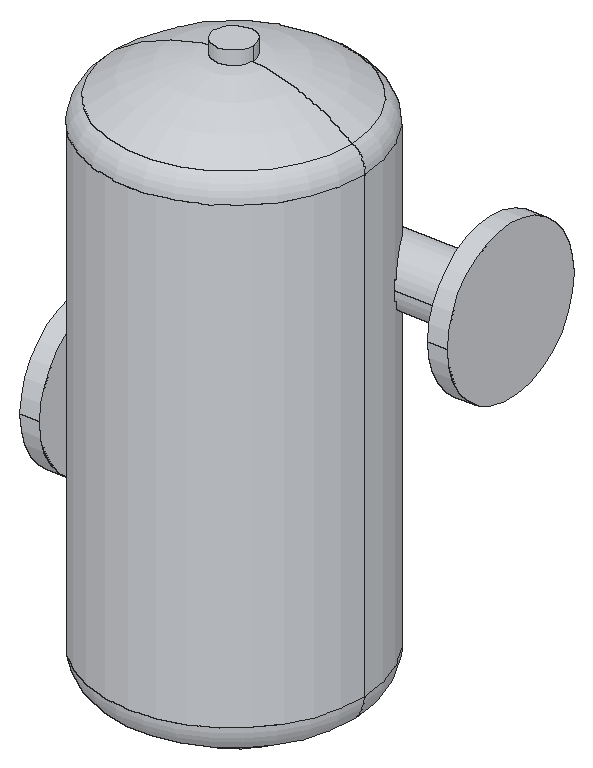
Revit family
Parameters (values of type "2-AS-L 125# W.P.")
  Weight = "70 lbs"
  Top to Inlet = 7.375"
  Top Connection Radius = 0.375"
  Top Connection Diameter = Top Connection Radius * 2  # 0.750"
  Tangential = yes
  Tank Height = 22.688"
  Tank Diameter = 10.000"
  Pipe Location off CL = 3.000"
  Outlet Pipe Flange Conn. Radius = Outlet Pipe Flange Conn / 2  # 1.000"
  Outlet Pipe Flange Conn = 2.000"
  Model = "2\"-AS-L"
  Pressure Drop = ".89"
  Max Operating Temp = "350 DEG F"
  Max Operating Pressure = "125 PSI"
  Manufacturer = "Amtrol"
  Inlet CL to Outlet CL = 8.000"
  Inlet Pipe Flange Conn = 2.000"
  Inlet Pipe Flange Conn. Radius = Inlet Pipe Flange Conn / 2  # 1.000"
  Flow (GPM) = "63"
  Flange to Flange Height = 16.313"
  CL to Outlet Flange = 8.156"
  Bottom Connection Radius = Bottom Connection Diameter / 2  # 0.375"
  Bottom Connection Diameter = 0.750"
  ASME = yes
Types (3): name | Model | Max Operating Pressure
  (no name) | "2\"-AS-L" | "125 PSI"
  2-AS-L 125# W.P. | "2\"-AS-L" | "125 PSI"
  2-AS-L 150# W.P. 10 BAR | "2\"-AS" | "150 PSI"
Reference planes (in)
  plane 1 "Center (Front/Back)": y = 0
  plane 2: z = 0
  plane 3 "Center (Left/Right)": x = 0
Forms (in)
  Revolve 1, solid
    sketch origin (0, 0, 0) x (1, 0, 0) y (0, 0, 1)
      loop
        line (0, 23.17548) -> (0, 0.48748)
        arc (0, 0.48748) -> (2.3562, 0.86066) -> (4.48177, 1.94366) r 7.625
        arc (4.48177, 1.94366) -> (4.85024, 2.37596) -> (5.00004, 2.92386) r 1.30442
        line (5.00004, 2.92386) -> (5.00004, 20.77392)
        arc (5.00004, 20.77392) -> (4.87779, 21.2809) -> (4.53792, 21.67644) r 1.11237
        arc (4.53792, 21.67644) -> (2.38955, 22.79102) -> (0, 23.17548) r 7.61816
      axis (0, 0.48748) -> (0, 23.17548)
    angle from 0 to 360
  Extrusion 2, solid
    sketch origin (0, 0, -1.34886) x (0, 1, 0) y (0, 0, 1)
      loop
        circle (3, 17.22591) r 1.1875
    from 2.04863 to 7.4038
  Extrusion 3, solid
    sketch origin (0.95154, 0, 1.33708) x (0, 1, 0) y (0, 0, 1)
      loop
        circle (3, 6.56456) r 1.1875
    from -8.35534 to -0.95154
  Extrusion 4, solid
    sketch origin (0, 0, 0) x (0, 1, 0) y (0, 0, 1)
      loop
        circle (3.00008, 15.9037) r 3
    from 7.4038 to 8.157
  Extrusion 5, solid
    sketch origin (0, 0, 0) x (0, 1, 0) y (0, 0, 1)
      loop
        circle (3, 7.96049) r 3
    from -7.4038 to -8.156
  Sweep 6, solid
    path origin (0, 0, 0) x (1, 0, 0) y (0, 0, 1)
      loop
        line (0, 23.1815) -> (0, 23.6875)
    profile origin (0, 0, 23.4345) x (-1, 0, 0) y (0, -1, 0)
      loop
        circle (0, 0) r 0.75
  Sweep 7, solid
    path origin (0, 0, 0) x (1, 0, 0) y (0, 0, 1)
      loop
        line (0, 0) -> (0, 0.5538)
    profile origin (0, 0, 0.2769) x (-1, 0, 0) y (0, -1, 0)
      loop
        circle (0, 0) r 0.75
Lines and regions (in)
  reference lines
    curve 1: line (-7.4038, 0, 7.875) -> (9.0962, 0, 7.875)
    curve 2: line (8.65956, 0, 15.875) -> (0, 0, 15.875)
Text (in)
  text "INLET" at (11.05624, 0, 17.22368), in view "Front"
  text "OUTLET" at (-19.15084, 0, 8.92051), in view "Front"
Dimensions and locks (in)
  "Tank Height": Revolve 1 sketch curve to Revolve 1 sketch curve
  Revolve 1 sketch curve to Revolve 1 sketch curve = 6.50591"
  Revolve 1 sketch curve to level = 0.48748"
  "Pipe Location off CL": plane 1 "Center (Front/Back)" to Extrusion 2 sketch curve
  plane 1 "Center (Front/Back)" to Extrusion 3 sketch curve = 3.000"
  Extrusion 5 sketch curve to plane 1 "Center (Front/Back)" = 3.000"
  Extrusion 4 sketch curve to plane 1 "Center (Front/Back)" = 3.00008"
  "CL to Outlet Flange": Extrusion 5 to plane 3 "Center (Left/Right)"
  Revolve 1 sketch curve to Revolve 1 sketch curve = 5.00004"
  aligned and locked: plane 3 "Center (Left/Right)" to Extrusion 3
Automatic sketch dimensions
  level to Extrusion 2 sketch curve = 15.87705"
  level to Extrusion 3 sketch curve = 7.90165"
  curve 2 to plane 3 "Center (Left/Right)" = 0.000"
  curve 1 to plane 3 "Center (Left/Right)" = 7.4038"
  curve 2 to curve 2 = 8.65956"
  curve 2 to curve 1 = 0.43664"
  level to Extrusion 4 sketch curve = 15.9037"
  level to Extrusion 5 sketch curve = 7.96049"
  Sweep 6 sketch curve to plane 3 "Center (Left/Right)" = 0.000"
  level to Sweep 6 sketch curve = 23.1815"
  Sweep 6 sketch curve to Sweep 6 sketch curve = 0.506"
  plane 1 "Center (Front/Back)" to Sweep 6 sketch curve = 0.000"
  Sweep 6 sketch curve to profile plane = 0.000"
  Sweep 7 sketch curve to plane 3 "Center (Left/Right)" = 0.000"
  Sweep 7 sketch curve to level = 0.000"
  level to Sweep 7 sketch curve = 0.5538"
  plane 1 "Center (Front/Back)" to Sweep 7 sketch curve = 0.000"
  Sweep 7 sketch curve to profile plane = 0.000"
  level to curve 1 = 7.875"
  curve 1 to curve 2 = 8.000"
  Revolve 1 sketch curve to plane 3 "Center (Left/Right)" = 0.000"  (x2)
  Revolve 1 sketch curve to Revolve 1 sketch curve = 1.30295"
  Revolve 1 sketch curve to Revolve 1 sketch curve = 1.11237"
  Revolve 1 sketch curve to Revolve 1 sketch curve = 0.51826"
  Revolve 1 sketch curve to Revolve 1 sketch curve = 0.65025"
  Revolve 1 sketch curve to level = 0.06771"
  level to Revolve 1 sketch curve = 1.94366"
  Revolve 1 sketch curve to Revolve 1 sketch curve = 0.9802"
  Revolve 1 sketch curve to Revolve 1 sketch curve = 2.01931"
  radius of Extrusion 2 sketch curve = 1.1875"
  radius of Extrusion 3 sketch curve = 1.1875"
  radius of Extrusion 4 sketch curve = 3.000"
  radius of Extrusion 5 sketch curve = 3.000"
  radius of Sweep 6 sketch curve = 0.750"
  radius of Sweep 7 sketch curve = 0.750"
Connectors (in)
  piping at (8.157, 3.00008, 15.9037), driven by "Inlet Pipe Flange Conn. Radius"
    settings: on Extrusion 4, index 1
  piping at (0, 0, 23.6875), driven by "Top Connection Radius"
    settings: on Sweep 6, index 3
  piping at (-8.156, 3, 7.96049), driven by "Outlet Pipe Flange Conn. Radius"
    settings: on Extrusion 5, index 4
  piping at (0, 0, 0), driven by "Bottom Connection Radius"
    settings: on Sweep 7, index 5
